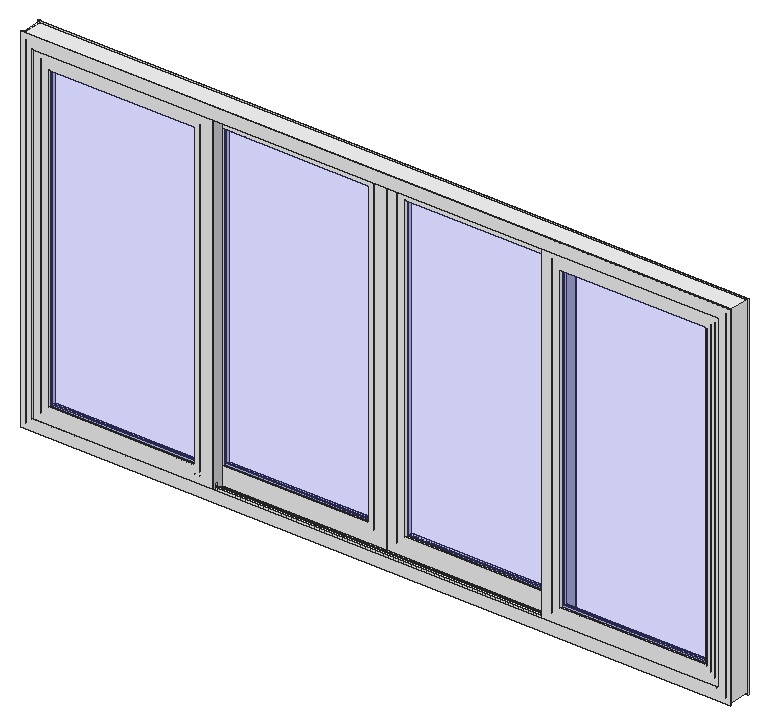
Revit family "1000_Sliding_Window_XXXX_Custom", category Windows, host Wall, Revit 2014
Parameters (values of type "1000SW-XXXX-Custom")
  Windload Design = if(Custom Windload < 1001 mm, 1000 mm, if(Custom Windload < 1501 mm, 1500 mm, 2000 mm))  # 1000 mm
  Width Sash Side [instance] = 614.7 mm
  Width Sash Middle [instance] = 614.7 mm
  Width = if(Custom Window Width < Limit Window Width Min, Limit Window Width Min, if(Custom Window Width > Limit Window Width Max, Limit Window Width Max, Custom Window Width))  # 2400 mm
  Wall Thickness [instance] = 200 mm
  URL = "http://www.crealco.co.za/crealco-products.php"
  Thermal Resistance (R) [instance] = if(and(Custom U Value > 0.5678, 1 / Custom U Value < 36.9087), Custom U Value, if(not(Custom U Value > 0.5678), 1 / 0.5679, 1 / 36.9086)) * 1.0000 (m²·K)/W  # 1.76087 (m²·K)/W
  Standard Interlocker = not(Heavy Duty Interlocker)  # yes
  Solar Heat Gain Coefficient [instance] = if(and(not(Custom SHGC Value < 0), not(Custom SHGC Value > 1)), Custom SHGC Value, if(Custom U Value < 0, 0, 1))  # 0
  Sash Width Middle = (Width - (28.7 mm * 2) - (2 * Sash Width Sides)) / 2 + 58.1 mm  # 614.7 mm
  Sash Width Sides = if(Equal Sash Width, (Width - (2 mm * 28.7)) / 4 + (58.1 mm / 2), if(Custom Sash Width Side < Limit Sash Width Side Min, Limit Sash Width Side Min, if(Custom Sash Width Side > Limit Sash Width Side Max, Limit Sash Width Side Max, Custom Sash Width Side)))  # 614.7 mm
  Sash Height = Height - (2 mm * 28.7)  # 1142.6 mm
  Sash Frame Seal = 2 mm  # constant formula
  Overall Width [instance] = 2400 mm
  Overall Height [instance] = 1200 mm
  Model = "1000"  # constant formula
  Max Pane Area = if(Area Middle Sash Glazing > Area Side Sash Glazing, Area Middle Sash Glazing, Area Side Sash Glazing)  # 0.535692 m²
  Manufacturer = "Crealco"  # constant formula
  Limit Window Width Min = (4 * Limit Sash Width Min) + (2 mm * 28.7) - (2 * 58.8 mm) + 1.2 mm  # 1141 mm
  Limit Window Width Max = (4 * Limit Sash Width Max) + (2 mm * 28.7) - (2 * 58.8 mm) + 1.2 mm  # 5941 mm
  Limit Window Height Min = Limit Sash Height Min + (2 mm * 28.7)  # 357.4 mm
  Limit Window Height Max = Limit Sash Height Max + (2 mm * 28.7)  # 1857.4 mm
  Limit Sash Width Min = 300 mm  # constant formula
  Limit Sash Width Max = 1500 mm  # constant formula
  Limit Sash Width Side Min = if((Width - (2 mm * 28.7) - (2 * Limit Sash Width Max) + (2 * 58.8 mm) - 1.2 mm) / 2 < Limit Sash Width Min, Limit Sash Width Min, (Width - (2 mm * 28.7) - (2 * Limit Sash Width Max) + (2 * 58.8 mm) - 1.2 mm) / 2)  # 300 mm
  Limit Sash Width Side Max = if((Width - (2 mm * 28.7) - (2 * Limit Sash Width Min) + (2 * 58.8 mm) - 1.2 mm) / 2 > Limit Sash Width Max, Limit Sash Width Max, (Width - (2 mm * 28.7) - (2 * Limit Sash Width Min) + (2 * 58.8 mm) - 1.2 mm) / 2)  # 929.5 mm
  Limit Sash Height Min = 300 mm  # constant formula
  Limit Sash Height Max = 1800 mm  # constant formula
  Is Heavy Duty Mullion = if(Windload Design = 1000 mm, if(and(Width > 2390 mm, Height > 1490 mm), 1 mm, 0 mm), if(Windload Design = 1500 mm, if(Height > 1490 mm, 1 mm, 0 mm), if(and(Width > 2090 mm, Height > 1190 mm), 1 mm, 0 mm)))  # 0 mm
  Is Heavy Duty Handle = if(Windload Design = 1000 mm, if(Height > 1490 mm, 1 mm, 0 mm), if(Windload Design = 1500 mm, if(or(Height > 1490 mm, and(Width > 2390 mm, Height > 1190 mm)), 1 mm, 0 mm), if(and(Width > 1790 mm, Height > 1190 mm), 1 mm, 0 mm)))  # 0 mm
  IGDB or SAGDB Number [instance] = 0
  Height Sash [instance] = 1142.6 mm
  Height = if(Custom Window Height < Limit Window Height Min, Limit Window Height Min, if(Custom Window Height > Limit Window Height Max, Limit Window Height Max, Custom Window Height))  # 1200 mm
  Heavy Duty Interlocker = if(Is Heavy Duty Mullion = 1 mm, 1 = 1, 1 = 0)  # no
  Heavy Duty Handle Gap = 25.5 mm  # constant formula
  Heavy Duty Handle = if(Is Heavy Duty Handle = 1 mm, 1 = 1, 1 = 0)  # no
  Heat Transfer Coefficient (U) [instance] = if(and(Custom U Value > 0.5678, Custom U Value < 36.9087), Custom U Value, if(not(Custom U Value > 0.5678), 0.5679, 36.9086)) * 1.0000 W/(m²·K)  # 0.5679 W/(m²·K)
  Glazing Thickness [instance] = if(IGDB or SAGDB Number = 1000015, 4 mm, if(IGDB or SAGDB Number = 9922, 4 mm, if(IGDB or SAGDB Number = 100100, 6 mm, if(IGDB or SAGDB Number = 103200, 7 mm, if(not(Max Pane Area > 0.75 m²), 4 mm, if(not(Max Pane Area > 1.50 m²), 4 mm, if(not(Max Pane Area > 2.10 m²), 5 mm, if(not(Max Pane Area > 2.90 m²), 6.4 mm, if(not(Max Pane Area > 4.30 m²), 8 mm, 10 mm)))))))))  # 4 mm
  Glazing Material [instance] = if(IGDB or SAGDB Number = 1000015, "PFG CLEARVUE 4mm", if(IGDB or SAGDB Number = 9922, "PFG ENERGY ADVANTAGE 4mm LOW-E", if(IGDB or SAGDB Number = 100100, "PFG INTRUDERPRUFE 6.38mm", if(IGDB or SAGDB Number = 103200, "PFG INTRUDERPRUFE LOW-E 7.38mm", "Unknown"))))  # "Unknown"
  Glazing Finish [instance] = Glass
  Glazing Code [instance] = if(IGDB or SAGDB Number = 1000015, "CF4", if(IGDB or SAGDB Number = 9922, "CF4E", if(IGDB or SAGDB Number = 100100, "LAM01", if(IGDB or SAGDB Number = 103200, "LAM01E", "Unknown"))))  # "Unknown"
  Frame Thickness = 75.7 mm  # constant formula
  Frame Offset From Exterior [instance] = if(Centered In Wall, (Wall Thickness - Frame Thickness) / 2, Custom Frame Offset From Exterior)  # 62.15 mm
  Equal Sash Width = yes
  Description = "Sliding window, XXXX custom"  # constant formula
  Default Sill Height = 800 mm
  Wall Closure = By host
  Custom Window Width = 2400 mm
  Custom Window Height = 1200 mm
  Custom Windload = 1000 mm
  Custom U Value [instance] = 0
  Custom Sash Width Side = 800 mm
  Custom SHGC Value [instance] = 0
  Custom Frame Offset From Exterior = 0 mm
  Centered In Wall = yes
  Area Middle Sash Glazing = (Sash Width Middle - (50.3 mm * 2)) * (Sash Height - (50.3 mm * 2))  # 0.535692 m²
  Area Side Sash Glazing = (Sash Width Sides - (50.3 mm * 2)) * (Sash Height - (50.3 mm * 2))  # 0.535692 m²
  Aluminium Finish [instance] = White Powder Coated Aluminium ANP 1052
  All Available Glazing Numbers [instance] = "The rows below list the available glazing materials for this window:"  # constant formula
  9922 [instance] = "CF4E"  # constant formula
  103200 [instance] = "LAM01E"  # constant formula
  100100 [instance] = "LAM01"  # constant formula
  1000015 [instance] = "CF4"  # constant formula
Reference planes
  plane 1 "Center (Front/Back)": y = 0
  plane 2 "Center (Left/Right)": x = 0
  plane 3 "Left": x = -1200
  plane 4 "Right": x = 1200
  plane 5 "Sill": z = 800
  plane 6 "Head": z = 2000
  plane 7 "Exterior": y = 100
  plane 8 "Interior": y = -100
Lines and regions (mm)
  Opening 1
    outline origin (3500, -100, 0) x (1, 0, 0) y (0, 0, 1)
      loop
        line (-2300, 800) -> (-2300, 2000) -> (-4700, 2000) -> (-4700, 800) -> (-2300, 800)
Text (mm)
  text "EXTERIOR" at (-1963.203, 1332.353, 0), in view "Ref. Level"
  text "INTERIOR" at (-1981.466, -818.386, 0), in view "Ref. Level"
  text "Exterior" at (0, 923.751, 2943.296), in view "Right"
  text "Exterior" at (0, 1040.484, 2685.409), in view "Left"
Dimensions and locks
  equal spacing: plane 3 "Left", plane 2 "Center (Left/Right)", plane 4 "Right"
  "Width": plane 3 "Left" to plane 4 "Right"
  "Height": plane 5 "Sill" to plane 6 "Head"
  "Default Sill Height": plane 5 "Sill" to level
  locked: plane 7 "Exterior" to host wall at 0
  locked: plane 8 "Interior" to host wall
  "Overall Height": plane 6 "Head" to plane 5 "Sill"
  "Overall Width": plane 3 "Left" to plane 4 "Right"
  "Frame Offset From Exterior": nested 1 to plane 7 "Exterior"
  "Sash Frame Seal": nested 1 to nested 3
  "Sash Frame Seal": nested 2 to nested 1
  "Width Sash Middle": nested 3 to nested 3
  "Width Sash Side": nested 2 to nested 2
  "Height Sash": nested 3 to nested 3
  "Heavy Duty Handle Gap": nested 14 to nested 3
  "Heavy Duty Handle Gap": nested 9 to nested 15
  "Wall Thickness": host wall to host wall
  aligned and locked: nested 1 to nested 3
  aligned and locked: nested 2 to nested 1  (x2)
  aligned and locked: nested 1 to plane 6 "Head"
  aligned and locked: nested 1 to plane 4 "Right"
  aligned and locked: nested 4 to nested 3  (x3)
  aligned and locked: nested 5 to nested 2
  aligned and locked: nested 2 to nested 5
  aligned and locked: nested 7 to nested 2  (x2)
  aligned and locked: nested 2 to nested 7
  aligned and locked: nested 6 to nested 3  (x3)
  aligned and locked: nested 7 to nested 5
  aligned and locked: nested 2 to nested 3
  aligned and locked: nested 10 to nested 9  (x3)
  aligned and locked: nested 11 to nested 8
  aligned and locked: nested 8 to nested 11
  aligned and locked: nested 13 to nested 8  (x2)
  aligned and locked: nested 8 to nested 13
  aligned and locked: nested 12 to nested 9  (x3)
  aligned and locked: nested 13 to nested 11
  aligned and locked: nested 8 to nested 9
  aligned and locked: nested 8 to nested 1
  aligned and locked: nested 13 to nested 1
  aligned and locked: nested 1 to nested 9
  aligned and locked: nested 3 to nested 14  (x2)
  aligned and locked: nested 15 to nested 9  (x2)
  aligned and locked: nested 16 to nested 3
  aligned and locked: nested 16 to nested 14
  aligned and locked: nested 16 to nested 9
Automatic sketch dimensions
  plane 3 "Left" to Opening 1 sketch curve = 0 mm
  plane 4 "Right" to Opening 1 sketch curve = 0 mm
  Opening 1 sketch curve to plane 5 "Sill" = 0 mm
  Opening 1 sketch curve to plane 6 "Head" = 0 mm
Nested families
  nested 1: "1000_Outer_Frame_With_Lip_XXXX_Cust" at (-1200, -37.85, 800) x (-1, 0, 0) z (0, 0, 1), Width <- "Width", Height <- "Height", Profile Material <- "Aluminium Finish", type "1000_Outer_Frame_With_Lip_XXXX_Cust"
    with Width 2400 mm, Profile Material White Powder Coated Aluminium ANP 1052, Height 1200 mm
  nested 2: "1000_Sash_SG_XXXX_Cust" at (-556.599, -2.15, 828.699), Sash Height <- "Sash Height", Sash Width <- "Sash Width Sides", Profile Material <- "Aluminium Finish", Glazing Thickness <- "Glazing Thickness", Glazing Material <- "Glazing Finish", type "1000_Sash_SG_XXXX_Cust"
    with Sash Width 614.7 mm, Sash Height 1142.6 mm, Right Sliding no, Profile Material White Powder Coated Aluminium ANP 1052, Length Arrow Tip 51.929 mm, Length Arrow 171.367 mm, Left Sliding yes, Is Sliding yes, Glazing Thickness 4 mm, Glazing Start -2 mm, Glazing Material Glass, Glazing End 2 mm, Arrow Tip Length 51.929 mm, Arrow Left Gap 221.667 mm, Arrow Bottom Gap 571.3 mm
  nested 3: "1000_Sash_SG_XXXX_Cust" at (-0.599, 37.85, 828.699), Sash Height <- "Sash Height", Sash Width <- "Sash Width Middle", Profile Material <- "Aluminium Finish", Glazing Thickness <- "Glazing Thickness", Glazing Material <- "Glazing Finish", type "1000_Sash_SG_XXXX_Cust"
    with Sash Width 614.7 mm, Sash Height 1142.6 mm, Right Sliding yes, Profile Material White Powder Coated Aluminium ANP 1052, Length Arrow Tip 51.929 mm, Length Arrow 171.367 mm, Left Sliding no, Is Sliding yes, Glazing Thickness 4 mm, Glazing Start -2 mm, Glazing Material Glass, Glazing End 2 mm, Arrow Tip Length 51.929 mm, Arrow Left Gap 221.667 mm, Arrow Bottom Gap 571.3 mm
  nested 4: "1000_Clip_On_Interlocker_XXXX_Cust" at (-584.299, 1.55, 828.699) x (0, 1, 0) z (0, 0, 1), Clip On Interlocker Length <- "Sash Height", visible <- "Standard Interlocker", type "1000_Clip_On_Interlocker_XXXX_Cust"
    with Profile Material none, Clip On Interlocker Length 1142.6 mm
  nested 5: "1000_Clip_On_Interlocker_XXXX_Cust" at (-587.599, 6.15, 828.699) x (0, -1, 0) z (0, 0, 1), Clip On Interlocker Length <- "Sash Height", visible <- "Standard Interlocker", type "1000_Clip_On_Interlocker_XXXX_Cust"
    with Profile Material none, Clip On Interlocker Length 1142.6 mm
  nested 6: "1000_Heavy_Duty_Interlocker_XXXX_Cust" at (-466.314, -185.916, 828.699) x (0, 1, 0) z (0, 0, 1), visible <- "Heavy Duty Interlocker", Profile Material <- "Aluminium Finish", Heavy Duty Interlocker Length <- "Sash Height", type "1000_Heavy_Duty_Interlocker_XXXX_Cust"
    with Profile Material White Powder Coated Aluminium ANP 1052, Heavy Duty Interlocker Length 1142.6 mm, Heavy Duty Interlocker yes
  nested 7: "1000_Heavy_Duty_Interlocker_XXXX_Cust" at (-705.584, 193.616, 828.699) x (0, -1, 0) z (0, 0, 1), visible <- "Heavy Duty Interlocker", Profile Material <- "Aluminium Finish", Heavy Duty Interlocker Length <- "Sash Height", type "1000_Heavy_Duty_Interlocker_XXXX_Cust"
    with Profile Material White Powder Coated Aluminium ANP 1052, Heavy Duty Interlocker Length 1142.6 mm, Heavy Duty Interlocker yes
  nested 8: "1000_Sash_SG_XXXX_Cust" at (556.599, -2.15, 828.699) x (-1, 0, 0) z (0, 0, 1), Sash Height <- "Sash Height", Sash Width <- "Sash Width Sides", Profile Material <- "Aluminium Finish", Glazing Thickness <- "Glazing Thickness", Glazing Material <- "Glazing Finish", type "1000_Sash_SG_XXXX_Cust"
    with Sash Width 614.7 mm, Sash Height 1142.6 mm, Right Sliding no, Profile Material White Powder Coated Aluminium ANP 1052, Length Arrow Tip 51.929 mm, Length Arrow 171.367 mm, Left Sliding yes, Is Sliding yes, Glazing Thickness 4 mm, Glazing Start -2 mm, Glazing Material Glass, Glazing End 2 mm, Arrow Tip Length 51.929 mm, Arrow Left Gap 221.667 mm, Arrow Bottom Gap 571.3 mm
  nested 9: "1000_Sash_SG_XXXX_Cust" at (0.599, 37.85, 828.699) x (-1, 0, 0) z (0, 0, 1), Sash Height <- "Sash Height", Sash Width <- "Sash Width Middle", Profile Material <- "Aluminium Finish", Glazing Thickness <- "Glazing Thickness", Glazing Material <- "Glazing Finish", type "1000_Sash_SG_XXXX_Cust"
    with Sash Width 614.7 mm, Sash Height 1142.6 mm, Right Sliding yes, Profile Material White Powder Coated Aluminium ANP 1052, Length Arrow Tip 51.929 mm, Length Arrow 171.367 mm, Left Sliding no, Is Sliding yes, Glazing Thickness 4 mm, Glazing Start -2 mm, Glazing Material Glass, Glazing End 2 mm, Arrow Tip Length 51.929 mm, Arrow Left Gap 221.667 mm, Arrow Bottom Gap 571.3 mm
  nested 10: "1000_Clip_On_Interlocker_XXXX_Cust" at (584.299, 1.55, 828.699) x (0, 1, 0) z (0, 0, 1), Clip On Interlocker Length <- "Sash Height", visible <- "Standard Interlocker", type "1000_Clip_On_Interlocker_XXXX_Cust"
    with Profile Material none, Clip On Interlocker Length 1142.6 mm
  nested 11: "1000_Clip_On_Interlocker_XXXX_Cust" at (587.599, 6.15, 828.699) x (0, -1, 0) z (0, 0, 1), Clip On Interlocker Length <- "Sash Height", visible <- "Standard Interlocker", type "1000_Clip_On_Interlocker_XXXX_Cust"
    with Profile Material none, Clip On Interlocker Length 1142.6 mm
  nested 12: "1000_Heavy_Duty_Interlocker_XXXX_Cust" at (466.314, -185.916, 828.699) x (0, 1, 0) z (0, 0, 1), visible <- "Heavy Duty Interlocker", Profile Material <- "Aluminium Finish", Heavy Duty Interlocker Length <- "Sash Height", type "1000_Heavy_Duty_Interlocker_XXXX_Cust"
    with Profile Material White Powder Coated Aluminium ANP 1052, Heavy Duty Interlocker Length 1142.6 mm, Heavy Duty Interlocker yes
  nested 13: "1000_Heavy_Duty_Interlocker_XXXX_Cust" at (705.584, 193.616, 828.699) x (0, -1, 0) z (0, 0, 1), visible <- "Heavy Duty Interlocker", Profile Material <- "Aluminium Finish", Heavy Duty Interlocker Length <- "Sash Height", type "1000_Heavy_Duty_Interlocker_XXXX_Cust"
    with Profile Material White Powder Coated Aluminium ANP 1052, Heavy Duty Interlocker Length 1142.6 mm, Heavy Duty Interlocker yes
  nested 14: "1000_Heavy_Duty_Handle_And_Cap_XXXX_Cust" at (-49.097, 31.821, 828.699), visible <- "Heavy Duty Handle", Profile Material <- "Aluminium Finish", Length Heavy Duty Handle <- "Sash Height", type "1000_Heavy_Duty_Handle_And_Cap_XXXX_Cust"
    with Profile Material White Powder Coated Aluminium ANP 1052, Length Heavy Duty Handle 1142.6 mm, Heavy Duty Handle yes
  nested 15: "1000_Heavy_Duty_Handle_And_Cap_XXXX_Cust" at (12.101, 31.821, 828.699), visible <- "Heavy Duty Handle", Profile Material <- "Aluminium Finish", Length Heavy Duty Handle <- "Sash Height", type "1000_Heavy_Duty_Handle_And_Cap_XXXX_Cust"
    with Profile Material White Powder Coated Aluminium ANP 1052, Length Heavy Duty Handle 1142.6 mm, Heavy Duty Handle yes
  nested 16: "1000_Astragal_XXXX_Cust" at (-7.522, 9.586, 828.699), Profile Material <- "Aluminium Finish", Astragal Length <- "Sash Height", type "1000_Astragal_XXXX_Cust"
    with Profile Material White Powder Coated Aluminium ANP 1052, Astragal Length 1142.6 mm
Definition of nested family "1000_Outer_Frame_With_Lip_XXXX_Cust"
  Parameters (values of type "1000_Outer_Frame_With_Lip")
    Width [instance] = 1200 mm
    Profile Material [instance] = none
    Height [instance] = 1800 mm
  Reference planes
    plane 1 "Center (Front/Back)": y = 0
    plane 2: z = 0
    plane 3 "Center (Left/Right)": x = 0
  Forms (mm)
    Sweep 1, solid, material <- "Profile Material"
      path origin (0, 0, 0) x (1, 0, 0) y (0, 0, 1)
        loop
          line (0, 0) -> (0, 1800) -> (-1200, 1800) -> (-1200, 0) -> (0, 0)
      profile origin (-600, 0, 0) x (0, 0, -1) y (0, -1, 0)
        loop
          line (0, 0) -> (0, 1.4) -> (-4.241, 1.4) -> (-4.241, 42) -> (-4.241, 74.3) -> (0, 74.3) -> (0, 75.7) -> (-18.001, 75.7) -> (-18.001, 67.7) -> (-38.001, 67.7) -> (-39.788, 62.338) -> (-39.788, 61.062) -> (-38.001, 55.7) -> (-28.701, 55.7) -> (-28.701, 57.1) -> (-36.887, 57.1) -> (-37.885, 60.095) -> (-37.885, 63.305) -> (-36.887, 66.3) -> (-18.001, 66.3) -> (-18.001, 17.1) -> (-36.887, 17.1) -> (-37.885, 20.095) -> (-37.885, 23.305) -> (-36.887, 26.3) -> (-28.701, 26.3) -> (-28.701, 27.7) -> (-38.001, 27.7) -> (-39.788, 22.338) -> (-39.788, 21.062) -> (-38.001, 15.7) -> (-18.001, 15.7) -> (-18.001, 1.4) -> (-39.751, 1.4) -> (-39.751, 0) -> (0, 0)
        loop
          line (-5.641, 74.3) -> (-16.601, 74.3) -> (-16.601, 1.4) -> (-5.641, 1.4) -> (-5.641, 74.3)
  Lines and regions (mm)
    model lines
      curve 1: line (-1200, -75.7, 1800) -> (-1181.999, -75.7, 1781.999)
      curve 2: line (-18.001, -75.7, 1781.999) -> (0, -75.7, 1800)
      curve 3: line (0, -75.7, 0) -> (-18.001, -75.7, 18.001)
      curve 4: line (-1181.999, -75.7, 18.001) -> (-1200, -75.7, 0)
      curve 5: line (-1181.999, -67.7, 18.001) -> (-1161.999, -67.7, 38.001)
      curve 6: line (-38.001, -67.7, 38.001) -> (-18.001, -67.7, 18.001)
      curve 7: line (-18.001, -67.7, 1781.999) -> (-38.001, -67.7, 1761.999)
      curve 8: line (-1181.999, -67.7, 1781.999) -> (-1161.999, -67.7, 1761.999)
      curve 9: line (0, 0, 1800) -> (-39.788, 0, 1760.212)
      curve 10: line (-1200, 0, 1800) -> (-1160.249, 0, 1760.249)
      curve 11: line (-1200, 0, 0) -> (-1160.249, 0, 39.751)
      curve 12: line (0, 0, 0) -> (-39.788, 0, 39.788)
  Dimensions and locks
    "Width": Sweep 1 sketch curve to Sweep 1 sketch curve
    "Height": Sweep 1 sketch curve to Sweep 1 sketch curve
    aligned and locked: level to plane 2
  Automatic sketch dimensions
    Sweep 1 sketch curve to plane 1 "Center (Front/Back)" = 0 mm
    Sweep 1 sketch curve to profile plane = 0 mm  (x2)
    Sweep 1 sketch curve to Sweep 1 sketch curve = 4.241 mm
    Sweep 1 sketch curve to Sweep 1 sketch curve = 1.4 mm  (x8)
    plane 1 "Center (Front/Back)" to Sweep 1 sketch curve = 1.4 mm  (x2)
    Sweep 1 sketch curve to Sweep 1 sketch curve = 10.96 mm
    Sweep 1 sketch curve to Sweep 1 sketch curve = 0 mm  (x3)
    Sweep 1 sketch curve to Sweep 1 sketch curve = 10.7 mm  (x2)
    Sweep 1 sketch curve to Sweep 1 sketch curve = 8.186 mm  (x4)
    plane 1 "Center (Front/Back)" to Sweep 1 sketch curve = 17.1 mm
    Sweep 1 sketch curve to Sweep 1 sketch curve = 0.998 mm  (x2)
    Sweep 1 sketch curve to Sweep 1 sketch curve = 1.114 mm  (x4)
    Sweep 1 sketch curve to Sweep 1 sketch curve = 1.75 mm
    Sweep 1 sketch curve to Sweep 1 sketch curve = 1.904 mm  (x2)
    Sweep 1 sketch curve to Sweep 1 sketch curve = 2.995 mm  (x4)
    Sweep 1 sketch curve to Sweep 1 sketch curve = 0.967 mm  (x4)
    Sweep 1 sketch curve to Sweep 1 sketch curve = 1.276 mm  (x2)
    Sweep 1 sketch curve to Sweep 1 sketch curve = 14.3 mm
    Sweep 1 sketch curve to Sweep 1 sketch curve = 28 mm
    Sweep 1 sketch curve to Sweep 1 sketch curve = 6.6 mm
    curve 3 to Sweep 1 = 0 mm  (x3)
    Sweep 1 to curve 3 = 0 mm
    curve 2 to Sweep 1 = 0 mm  (x4)
    curve 1 to Sweep 1 = 0 mm  (x4)
    curve 4 to Sweep 1 = 0 mm  (x3)
    Sweep 1 to curve 4 = 0 mm
    curve 7 to Sweep 1 = 0 mm  (x4)
    curve 6 to Sweep 1 = 0 mm  (x3)
    Sweep 1 to curve 6 = 0 mm
    curve 5 to Sweep 1 = 0 mm  (x3)
    Sweep 1 to curve 5 = 0 mm
    curve 8 to Sweep 1 = 0 mm  (x4)
    curve 12 to Sweep 1 = 0 mm  (x2)
    curve 9 to Sweep 1 = 0 mm
    Sweep 1 to curve 9 = 0 mm
    curve 11 to Sweep 1 = 0 mm  (x4)
    curve 10 to Sweep 1 = 0 mm  (x3)
    Sweep 1 to curve 10 = 0 mm
    curve 12 to Sweep 1 = 0.037 mm  (x2)
    curve 9 to Sweep 1 = 0.037 mm  (x2)
    Sweep 1 sketch curve to level = 0 mm
    Sweep 1 sketch curve to plane 3 "Center (Left/Right)" = 0 mm
Definition of nested family "1000_Sash_SG_XXXX_Cust"
  Parameters (values of type "1000_Sash_SG")
    Sash Width [instance] = 300 mm
    Sash Height [instance] = 600 mm
    Right Sliding [instance] = yes
    Profile Material [instance] = White Powder Coated Aluminium ANP 1052
    Length Arrow Tip [instance] = Length Arrow / 3.3  # 20.141 mm
    Length Arrow [instance] = (Sash Width - (2 * 50.3 mm)) / 3  # 66.467 mm
    Left Sliding [instance] = yes
    Is Sliding [instance] = if(or(Right Sliding, Left Sliding), 1 = 1, 1 = 2)  # yes
    Glazing Thickness [instance] = 6.4 mm
    Glazing Start [instance] = -Glazing Thickness / 2  # -3.2 mm
    Glazing Material [instance] = Glass
    Glazing Frame Gap = 5 mm  # constant formula
    Glazing End [instance] = Glazing Thickness / 2  # 3.2 mm
    Arrow Tip Length [instance] = if((Sash Height - (2 * 50.3 mm)) / 8 > Length Arrow / 3.3, Length Arrow / 3.3, (Sash Height - (2 * 50.3 mm)) / 8)  # 20.141 mm
    Arrow Tip Angle = 45.00°
    Arrow Left Gap [instance] = (Sash Width - Length Arrow) / 2  # 116.767 mm
    Arrow Bottom Gap [instance] = Sash Height / 2  # 300 mm
  Reference planes
    plane 1 "Center (Front/Back)": y = 0
    plane 2: z = 0
    plane 3 "Center (Left/Right)": x = 0
    plane 4: y = -14
  Forms (mm)
    Sweep 1, solid, material "White Powder Coated Aluminium ANP 1052" <- "Profile Material"
      path origin (0, 0, 0) x (1, 0, 0) y (0, 0, 1)
        loop
          line (0, 0) -> (0, 600) -> (-300, 600) -> (-300, 0) -> (0, 0)
      profile origin (-150, 0, 0) x (0, 0, -1) y (0, -1, 0)
        loop
          line (-60, 0) -> (0, 0) -> (0, 6) -> (-1.3, 6) -> (-1.3, 1.3) -> (-31.5, 1.3) -> (-31.5, 5) -> (-30, 5) -> (-30, 23) -> (-31.5, 23) -> (-31.5, 26.7) -> (-1.3, 26.7) -> (-1.3, 22) -> (0, 22) -> (0, 28) -> (-60, 28) -> (-60, 20) -> (-58.7, 20) -> (-58.7, 26.7) -> (-45.3, 26.7) -> (-45.3, 1.3) -> (-58.7, 1.3) -> (-58.7, 8) -> (-60, 8) -> (-60, 0)
        loop
          line (-44, 26.7) -> (-44, 1.3) -> (-33, 1.3) -> (-33, 6.3) -> (-31.5, 6.3) -> (-31.5, 21.7) -> (-33, 21.7) -> (-33, 26.7) -> (-44, 26.7)
    Extrusion 2, solid, material "Glass" <- "Glazing Material"
      sketch origin (-1130, -14, 1200) x (-1, 0, 0) y (0, 0, 1)
        loop
          line (-880.3, -650.3) -> (-1079.7, -650.3) -> (-1079.7, -1149.7) -> (-880.3, -1149.7) -> (-880.3, -650.3)
      from -3.2 <- "Glazing Start" to 3.2 <- "Glazing End"
  Lines and regions (mm)
    model lines
      curve 1: line (-240, 0, 540) -> (-300, 0, 600)
      curve 2: line (-60, 0, 540) -> (0, 0, 600)
      curve 3: line (0, 0, 0) -> (-60, 0, 60)
      curve 4: line (-240, 0, 60) -> (-300, 0, 0)
      curve 5: line (-60, -28, 540) -> (0, -28, 600)
      curve 6: line (-240, -28, 540) -> (-300, -28, 600)
      curve 7: line (-300, -28, 0) -> (-240, -28, 60)
      curve 8: line (0, -28, 0) -> (-60, -28, 60)
    model lines, visible <- "Is Sliding"
      curve 9: line (-183.233, -10.8, 300) -> (-116.767, -10.8, 300)
    model lines, visible <- "Left Sliding"
      curve 10: line (-116.767, -10.8, 300) -> (-131.009, -10.8, 314.242)
      curve 11: line (-116.767, -10.8, 300) -> (-131.009, -10.8, 285.758)
    model lines, visible <- "Right Sliding"
      curve 12: line (-183.233, -10.8, 300) -> (-168.991, -10.8, 314.242)
      curve 13: line (-183.233, -10.8, 300) -> (-168.991, -10.8, 285.758)
  Dimensions and locks
    "Sash Width": Sweep 1 sketch curve to Sweep 1 sketch curve
    "Sash Height": Sweep 1 sketch curve to Sweep 1 sketch curve
    "Glazing Frame Gap": Sweep 1 to Extrusion 2 sketch curve
    "Glazing Frame Gap": Extrusion 2 sketch curve to Sweep 1  (x3)
    "Length Arrow": curve 9 to curve 9
    "Arrow Left Gap": plane 3 "Center (Left/Right)" to curve 9
    "Arrow Bottom Gap": level to curve 9
    "Arrow Tip Length": curve 11 to curve 10
    "Arrow Tip Length": curve 11 to curve 11
    "Length Arrow Tip": curve 13 to curve 13
    "Length Arrow Tip": curve 13 to curve 12
    "Arrow Tip Angle": angle curve 11 to curve 9
    "Arrow Tip Angle": angle curve 9 to curve 10
    "Arrow Tip Angle": angle curve 12 to curve 9
    "Arrow Tip Angle": angle curve 9 to curve 13
    aligned and locked: level to plane 2
  Automatic sketch dimensions
    curve 2 to Sweep 1 = 0 mm  (x4)
    curve 3 to Sweep 1 = 0 mm  (x3)
    Sweep 1 to curve 3 = 0 mm
    curve 1 to Sweep 1 = 0 mm  (x4)
    curve 4 to Sweep 1 = 0 mm  (x3)
    Sweep 1 to curve 4 = 0 mm
    curve 8 to Sweep 1 = 0 mm  (x4)
    curve 5 to Sweep 1 = 0 mm  (x3)
    Sweep 1 to curve 5 = 0 mm
    curve 7 to Sweep 1 = 0 mm  (x4)
    curve 6 to Sweep 1 = 0 mm  (x3)
    Sweep 1 to curve 6 = 0 mm
    Sweep 1 sketch curve to plane 1 "Center (Front/Back)" = 0 mm
    Sweep 1 sketch curve to profile plane = 0 mm  (x2)
    profile plane to Sweep 1 sketch curve = 1.3 mm
    Sweep 1 sketch curve to Sweep 1 sketch curve = 1.3 mm  (x7)
    Sweep 1 sketch curve to Sweep 1 sketch curve = 28.7 mm
    plane 1 "Center (Front/Back)" to Sweep 1 sketch curve = 1.3 mm  (x2)
    Sweep 1 sketch curve to Sweep 1 sketch curve = 1.5 mm  (x5)
    Sweep 1 sketch curve to Sweep 1 sketch curve = 11 mm
    Sweep 1 sketch curve to Sweep 1 sketch curve = 13.4 mm  (x2)
    Sweep 1 sketch curve to Sweep 1 sketch curve = 0 mm
    Sweep 1 sketch curve to Sweep 1 sketch curve = 3.7 mm
    Sweep 1 sketch curve to Sweep 1 sketch curve = 4.7 mm  (x2)
    Sweep 1 sketch curve to Sweep 1 sketch curve = 6.7 mm  (x2)
    Sweep 1 sketch curve to Sweep 1 sketch curve = 12 mm
    Sweep 1 sketch curve to Sweep 1 sketch curve = 15.4 mm
    Sweep 1 sketch curve to Sweep 1 sketch curve = 16 mm
    Sweep 1 sketch curve to Sweep 1 sketch curve = 5 mm
    Sweep 1 sketch curve to level = 0 mm
    Sweep 1 sketch curve to plane 3 "Center (Left/Right)" = 0 mm
Definition of nested family "1000_Clip_On_Interlocker_XXXX_Cust"
  Parameters (values of type "1000_Clip_On_Interlocker")
    Profile Material [instance] = none
    Notch Width = 13.1 mm  # constant formula
    Notch Side Gap = 4.8 mm  # constant formula
    Notch Height = 20 mm  # constant formula
    Clip On Interlocker Length [instance] = 250 mm
  Reference planes
    plane 1 "Center (Front/Back)": y = 0
    plane 2: z = 0
    plane 3 "Center (Left/Right)": x = 0
  Forms (mm)
    Extrusion 1, solid, material <- "Profile Material"
      sketch origin (0, 0, 0) x (1, 0, 0) y (0, 1, 0)
        loop
          line (0, 32.2) -> (0, 24.6) -> (6.9, 24.6) -> (6.9, 10) -> (0, 10) -> (0, 0) -> (1.2, 0) -> (1.2, 8.8) -> (6.9, 8.8) -> (6.9, 5.7) -> (8.3, 5.7) -> (8.3, 25.8) -> (1.2, 25.8) -> (1.2, 31) -> (14.6, 31) -> (14.6, 24.5) -> (15.775, 24.5) -> (15.775, 31) -> (28.875, 31) -> (28.875, 24.5) -> (30, 24.5) -> (30, 31) -> (33.7, 31) -> (33.7, 32.2) -> (0, 32.2)
      from 0 to 250 <- "Clip On Interlocker Length"
    Extrusion 2, void
      sketch origin (33.075, 32.2, 0) x (1, 0, 0) y (0, 0, 1)
        loop
          line (-4.175, 250) -> (-17.275, 250) -> (-17.275, 230) -> (-4.175, 230) -> (-4.175, 250)
        loop
          line (-4.175, 0) -> (-4.175, 20) -> (-17.275, 20) -> (-17.275, 0) -> (-4.175, 0)
      from 0 to 2
  Cuts and joins
    Extrusion 2 cuts Extrusion 1
  Dimensions and locks
    "Notch Side Gap": Extrusion 1 to Extrusion 2 sketch curve  (x2)
    "Notch Width": Extrusion 2 sketch curve to Extrusion 2 sketch curve  (x2)
    "Notch Height": Extrusion 1 to Extrusion 2 sketch curve
    "Notch Height": Extrusion 2 sketch curve to Extrusion 1
    aligned and locked: level to plane 2
    aligned and locked: Extrusion 1 to Extrusion 2 sketch curve
    aligned and locked: Extrusion 2 sketch curve to Extrusion 1
  Automatic sketch dimensions
    Extrusion 1 sketch curve to plane 3 "Center (Left/Right)" = 0 mm  (x2)
    plane 1 "Center (Front/Back)" to Extrusion 1 sketch curve = 0 mm
    plane 3 "Center (Left/Right)" to Extrusion 1 sketch curve = 1.2 mm  (x2)
    Extrusion 1 sketch curve to Extrusion 1 sketch curve = 5.7 mm
    Extrusion 1 sketch curve to Extrusion 1 sketch curve = 0 mm  (x3)
    Extrusion 1 sketch curve to Extrusion 1 sketch curve = 1.4 mm
    Extrusion 1 sketch curve to Extrusion 1 sketch curve = 6.3 mm
    Extrusion 1 sketch curve to Extrusion 1 sketch curve = 1.175 mm
    Extrusion 1 sketch curve to Extrusion 1 sketch curve = 13.1 mm
    Extrusion 1 sketch curve to Extrusion 1 sketch curve = 1.125 mm
    Extrusion 1 sketch curve to Extrusion 1 sketch curve = 3.7 mm
    Extrusion 1 sketch curve to plane 1 "Center (Front/Back)" = 5.7 mm
    Extrusion 1 sketch curve to Extrusion 1 sketch curve = 3.1 mm
    Extrusion 1 sketch curve to Extrusion 1 sketch curve = 1.2 mm  (x3)
    Extrusion 1 sketch curve to Extrusion 1 sketch curve = 14.5 mm
    Extrusion 1 sketch curve to Extrusion 1 sketch curve = 14.6 mm
    Extrusion 1 sketch curve to Extrusion 1 sketch curve = 6.5 mm  (x2)
Definition of nested family "1000_Heavy_Duty_Interlocker_XXXX_Cust"
  Parameters (values of type "1000_Heavy_Duty_Interlocker")
    Profile Material [instance] = none
    Notch Width = 13 mm  # constant formula
    Notch Side Gap = 15.8 mm  # constant formula
    Notch Height = 20 mm  # constant formula
    Heavy Duty Interlocker Length [instance] = 250 mm
    Heavy Duty Interlocker [instance] = yes
  Reference planes
    plane 1 "Center (Front/Back)": y = 0
    plane 2: z = 0
    plane 3 "Center (Left/Right)": x = 0
  Forms (mm)
    Extrusion 1, solid, material <- "Profile Material", visible <- "Heavy Duty Interlocker"
      sketch origin (374.931, 0, 0) x (-1, 0, 0) y (0, -1, 0)
        loop
          line (158.706, -148.985) -> (158.706, -145.885) -> (157.506, -145.885) -> (157.506, -148.985) -> (151.156, -148.985) -> (151.156, -122.127)
          arc (151.156, -122.127) -> (134.132, -124.551) -> (116.984, -123.281) r 80
          arc (116.984, -123.281) -> (104.109, -136.156) -> (116.984, -149.031) r 12.875
          arc (116.984, -149.031) -> (134.132, -147.761) -> (151.156, -150.185) r 80
          line (151.156, -150.185) -> (187.466, -150.185) -> (187.466, -139.985) -> (186.266, -139.985) -> (186.266, -142.585) -> (180.266, -142.585) -> (180.266, -127.985) -> (186.266, -127.985) -> (186.266, -130.585) -> (187.466, -130.585) -> (187.466, -117.985) -> (186.266, -117.985) -> (186.266, -126.785) -> (180.266, -126.785) -> (180.266, -123.685) -> (179.166, -123.685) -> (179.166, -143.785) -> (186.266, -143.785) -> (186.266, -148.985) -> (172.841, -148.985) -> (172.841, -145.885) -> (171.641, -145.885) -> (171.641, -148.985) -> (158.706, -148.985)
        loop
          arc (149.756, -124.533) -> (149.569, -124.143) -> (149.147, -124.045) r 0.5
          arc (149.147, -124.045) -> (141.472, -125.375) -> (133.704, -125.964) r 81.4
          arc (133.704, -125.964) -> (125.312, -125.766) -> (116.984, -124.704) r 81.4
          arc (116.984, -124.704) -> (105.532, -136.156) -> (116.984, -147.608) r 11.452
          arc (116.984, -147.608) -> (125.312, -146.546) -> (133.704, -146.347) r 81.4
          arc (133.704, -146.347) -> (141.472, -146.937) -> (149.147, -148.266) r 81.4
          arc (149.147, -148.266) -> (149.569, -148.169) -> (149.756, -147.778) r 0.5
          line (149.756, -147.778) -> (149.756, -124.533)
      from 0 to 250 <- "Heavy Duty Interlocker Length"
    Extrusion 2, void
      sketch origin (187.466, 150.185, 0) x (-1, 0, 0) y (0, 0, -1)
        loop
          line (-15.825, -250) -> (-15.825, -230) -> (-28.76, -230) -> (-28.76, -250) -> (-15.825, -250)
        loop
          line (-15.825, 0) -> (-28.76, 0) -> (-28.76, -20) -> (-15.825, -20) -> (-15.825, 0)
      from 0 to 250
  Cuts and joins
    Extrusion 2 cuts Extrusion 1
  Dimensions and locks
    "Notch Height": Extrusion 2 sketch curve to Extrusion 1
    "Notch Height": Extrusion 1 to Extrusion 2 sketch curve
    aligned and locked: level to plane 2
  Automatic sketch dimensions
    Extrusion 1 sketch curve to Extrusion 1 sketch curve = 0 mm  (x22)
    plane 1 "Center (Front/Back)" to Extrusion 1 sketch curve = 136.156 mm
    Extrusion 1 sketch curve to plane 3 "Center (Left/Right)" = 257.947 mm
    Extrusion 1 sketch curve to Extrusion 1 sketch curve = 14.448 mm  (x2)
    plane 1 "Center (Front/Back)" to Extrusion 1 sketch curve = 44.596 mm
    Extrusion 1 sketch curve to Extrusion 1 sketch curve = 32.272 mm
    Extrusion 1 sketch curve to Extrusion 1 sketch curve = 0.5 mm
    Extrusion 1 sketch curve to Extrusion 1 sketch curve = 1.4 mm
    Extrusion 1 sketch curve to Extrusion 1 sketch curve = 6.35 mm
    Extrusion 1 sketch curve to Extrusion 1 sketch curve = 1.2 mm  (x7)
    Extrusion 1 sketch curve to Extrusion 1 sketch curve = 12.935 mm
    Extrusion 1 sketch curve to Extrusion 1 sketch curve = 6.325 mm
    Extrusion 1 sketch curve to Extrusion 1 sketch curve = 1.1 mm
    Extrusion 1 sketch curve to Extrusion 1 sketch curve = 6 mm  (x2)
    Extrusion 1 sketch curve to Extrusion 1 sketch curve = 18.171 mm
    Extrusion 1 sketch curve to Extrusion 1 sketch curve = 4.142 mm
    Extrusion 1 sketch curve to Extrusion 1 sketch curve = 5.7 mm
    Extrusion 1 sketch curve to Extrusion 1 sketch curve = 2.407 mm
    Extrusion 1 sketch curve to Extrusion 1 sketch curve = 3.1 mm  (x2)
    Extrusion 1 sketch curve to Extrusion 1 sketch curve = 2.6 mm  (x2)
    Extrusion 1 sketch curve to Extrusion 1 sketch curve = 9.4 mm
    Extrusion 1 sketch curve to Extrusion 1 sketch curve = 2.1 mm
    Extrusion 1 sketch curve to Extrusion 1 sketch curve = 1.893 mm
    Extrusion 1 sketch curve to Extrusion 1 sketch curve = 5.2 mm
    Extrusion 1 sketch curve to Extrusion 1 sketch curve = 15.443 mm  (x2)
    Extrusion 2 sketch curve to Extrusion 1 = 0 mm  (x2)
    Extrusion 2 sketch curve to Extrusion 1 = 7.55 mm  (x2)
    Extrusion 2 sketch curve to Extrusion 2 sketch curve = 12.935 mm  (x2)
Definition of nested family "1000_Heavy_Duty_Handle_And_Cap_XXXX_Cust"
  Parameters (values of type "1000_Heavy_Duty_Handle_And_Cap")
    Profile Material [instance] = none
    Length Heavy Duty Handle [instance] = 250 mm
    Heavy Duty Handle [instance] = yes
  Reference planes
    plane 1 "Center (Front/Back)": y = 0
    plane 2: z = 0
    plane 3 "Center (Left/Right)": x = 0
  Forms (mm)
    Extrusion 1, solid, material <- "Profile Material", visible <- "Heavy Duty Handle"
      sketch origin (0, 0, 0) x (1, 0, 0) y (0, 1, 0)
        loop
          arc (29.13, 14.529) -> (29.706, 10.964) -> (30.44, 7.429) r 81.501
          line (30.44, 7.429) -> (22.998, 7.429) -> (22.998, 6.029) -> (32.323, 6.029)
          arc (32.323, 6.029) -> (29.962, 21.589) -> (30.693, 37.311) r 80
          arc (30.693, 37.311) -> (30.581, 43.775) -> (28.413, 49.865) r 20
          arc (28.413, 49.865) -> (18.498, 55.717) -> (8.583, 49.865) r 11.325
          arc (8.583, 49.865) -> (6.415, 43.775) -> (6.303, 37.311) r 20
          arc (6.303, 37.311) -> (7.034, 21.589) -> (4.673, 6.029) r 80
          line (4.673, 6.029) -> (13.998, 6.029) -> (13.998, 7.429) -> (6.556, 7.429)
          arc (6.556, 7.429) -> (7.289, 10.964) -> (7.866, 14.529) r 81.5
          line (7.866, 14.529) -> (29.13, 14.529)
        loop
          arc (8.633, 24.529) -> (8.458, 20.271) -> (8.06, 16.029) r 81.496
          line (8.06, 16.029) -> (28.935, 16.029)
          arc (28.935, 16.029) -> (28.538, 20.271) -> (28.362, 24.529) r 81.503
          line (28.362, 24.529) -> (8.633, 24.529)
        loop
          line (8.642, 26.029) -> (28.354, 26.029)
          arc (28.354, 26.029) -> (28.577, 31.793) -> (29.208, 37.528) r 81.499
          arc (29.208, 37.528) -> (29.39, 40.882) -> (28.962, 44.213) r 18.5
          line (28.962, 44.213) -> (27.373, 45.802) -> (27.373, 44.569) -> (25.963, 42.127) -> (25.016, 42.127) -> (25.016, 47.912) -> (27.67, 47.912)
          arc (27.67, 47.912) -> (18.498, 54.217) -> (9.325, 47.912) r 9.825
          line (9.325, 47.912) -> (11.918, 47.912) -> (11.918, 42.127) -> (10.97, 42.127) -> (9.622, 44.461) -> (9.622, 45.802) -> (8.034, 44.213)
          arc (8.034, 44.213) -> (7.606, 40.882) -> (7.787, 37.528) r 18.5
          arc (7.787, 37.528) -> (8.418, 31.793) -> (8.642, 26.029) r 81.501
      from 0 to 250 <- "Length Heavy Duty Handle"
  Dimensions and locks
    aligned and locked: level to plane 2
Definition of nested family "1000_Astragal_XXXX_Cust"
  Parameters (values of type "1000_Astragal")
    Profile Material [instance] = none
    Cut Out Height = 20 mm
    Astragal Length [instance] = 250 mm
  Reference planes
    plane 1 "Center (Front/Back)": y = 0
    plane 2: z = 0
    plane 3 "Center (Left/Right)": x = 0
  Forms (mm)
    Extrusion 1, solid, material <- "Profile Material"
      sketch origin (0, 0, 0) x (1, 0, 0) y (0, 1, 0)
        loop
          line (8.123, 9.253) -> (18.238, 9.253)
          arc (18.238, 9.253) -> (18.714, 11.733) -> (18.873, 14.253) r 20
          arc (18.873, 14.253) -> (18.714, 16.773) -> (18.238, 19.253) r 20
          line (18.238, 19.253) -> (8.123, 19.253) -> (8.123, 28.353) -> (6.923, 28.353) -> (6.923, 22.236) -> (3.923, 22.236) -> (3.526, 22.97) -> (0.373, 21.893) -> (0.373, 21.036) -> (6.823, 21.036) -> (6.823, 17.953) -> (17.204, 17.953)
          arc (17.204, 17.953) -> (17.573, 14.253) -> (17.204, 10.553) r 18.7
          line (17.204, 10.553) -> (6.823, 10.553) -> (6.823, 7.47) -> (0.373, 7.47) -> (0.373, 6.612) -> (3.526, 5.536) -> (3.923, 6.27) -> (6.923, 6.27) -> (6.923, 0.153) -> (8.123, 0.153) -> (8.123, 9.253)
      from 0 to 250 <- "Astragal Length"
    Extrusion 2, void
      sketch origin (8.123, 8.953, 0) x (0, 1, 0) y (0, 0, -1)
        loop
          line (0.3, 0) -> (0.3, -15)
          arc (0.3, -15) -> (5.3, -20) -> (10.3, -15) r 5
          line (10.3, -15) -> (10.3, 0) -> (0.3, 0)
        loop
          line (0.3, -250) -> (10.3, -250) -> (10.3, -235)
          arc (10.3, -235) -> (5.3, -230) -> (0.3, -235) r 5
          line (0.3, -235) -> (0.3, -250)
      from -25 to 25
  Cuts and joins
    Extrusion 2 cuts Extrusion 1
  Dimensions and locks
    "Cut Out Height": Extrusion 2 sketch curve to Extrusion 2 sketch curve  (x2)
    aligned and locked: level to plane 2
    aligned and locked: Extrusion 2 sketch curve to Extrusion 1  (x4)
    aligned and locked: Extrusion 1 to Extrusion 2 sketch curve  (x2)
  Automatic sketch dimensions
    Extrusion 1 sketch curve to Extrusion 1 sketch curve = 0 mm  (x4)
    Extrusion 1 sketch curve to plane 3 "Center (Left/Right)" = 1.127 mm
    plane 3 "Center (Left/Right)" to Extrusion 1 sketch curve = 0.373 mm  (x2)
    Extrusion 1 sketch curve to Extrusion 1 sketch curve = 3.153 mm  (x2)
    Extrusion 1 sketch curve to Extrusion 1 sketch curve = 0.397 mm  (x2)
    Extrusion 1 sketch curve to Extrusion 1 sketch curve = 2.9 mm  (x2)
    Extrusion 1 sketch curve to Extrusion 1 sketch curve = 0.1 mm  (x2)
    Extrusion 1 sketch curve to Extrusion 1 sketch curve = 1.3 mm  (x2)
    Extrusion 1 sketch curve to Extrusion 1 sketch curve = 1.2 mm  (x3)
    Extrusion 1 sketch curve to Extrusion 1 sketch curve = 9.08 mm
    Extrusion 1 sketch curve to Extrusion 1 sketch curve = 1.035 mm  (x2)
    Extrusion 1 sketch curve to plane 1 "Center (Front/Back)" = 5.536 mm
    Extrusion 1 sketch curve to Extrusion 1 sketch curve = 0.734 mm  (x2)
    Extrusion 1 sketch curve to Extrusion 1 sketch curve = 1.076 mm
    Extrusion 1 sketch curve to Extrusion 1 sketch curve = 1.783 mm  (x2)
    Extrusion 1 sketch curve to Extrusion 1 sketch curve = 6.783 mm
    Extrusion 1 sketch curve to Extrusion 1 sketch curve = 0.858 mm
    Extrusion 1 sketch curve to Extrusion 1 sketch curve = 6.117 mm
    Extrusion 1 sketch curve to plane 1 "Center (Front/Back)" = 0.153 mm
